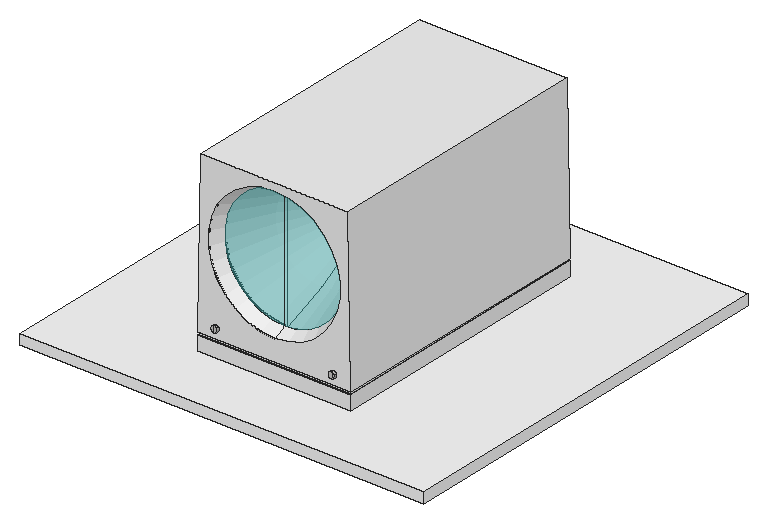
Revit family "BE_24593_de_DE", category Leuchten, Revit 2020
Family settings
  Basisbauteil = Fläche
  Bemaßung runder Anschluss = Durchmesser verwenden
  Teiletyp = Normal
  Beim Laden mit Abzugskörper schneiden = Ja
  Lichtquelle = Ja
  Gemeinsam genutzt = Nein
  Raumberechnungspunkt = Ja
Parameters (values of type "BEGA_24593_Weiß_K4")
  built-in parameter 1150104 = 12.443 (stored number, unit not read)
  Wattage = 33 W
  Default Elevation = 0 mm
  built-in parameter 1150113 = 1 (stored number, unit not read)
  built-in parameter 1114218 = 1 (stored number, unit not read)
  Umgebungstemperatur = "25 °C"
  URL = "https://www.bega.com/de/produkt/24593"
  Typenkommentare = "© 2022 BEGA. Wir behalten uns das Recht vor, technische Änderungen ohne vorherige Ankündigung vorzunehmen."  # constant formula
  Type Image = 24593.png
  built-in parameter 1150134 = 12
  built-in parameter 1150109 = 1 (stored number, unit not read)
  Strom = ""
  built-in parameter 1150110 = 1 (stored number, unit not read)
  Spannung = 239.996 V
  Sonderanfertigung = no
  Seriennummer [instance] = "Hier können Sie die eindeutige Seriennummer für das Facility Management eintragen."
  Schutzklasse = "I"
  Schutzart = "IP 64"
  Scheinlast = 0 VA
  Produktdatenblatt = "https://cdn.bega.com/bega/products/24593AK3/current/documents/data-sheets/de"
  Oberflächentemperatur = ""
  Neigungswinkel = 0.00°
  Modell = "24593WK4"
  Material_17 = BEGA_Reflektor
  Material_15 = BEGA_Leuchtmedium_matt
  Material_11 = BEGA_Glas_opal
  Material_09 = BEGA_Glas_klar
  Material_06 = BEGA_Oberfläche_Edelstahl_gebürstet
  Material_03 = BEGA_Oberfläche_Weiss_matt
  Material_02 = BEGA_Oberfläche_Silber_matt
  Material_01 [instance] = BEGA_Oberfläche_Grafit_matt
  M_W = yes
  M_G = no
  M_A = no
  Logo = 0
  built-in parameter 1114217 = 1 (stored number, unit not read)
  built-in parameter 1150139 = (empty or 0)
  built-in parameter 1150105 = 351.73 (stored number, unit not read)
  built-in parameter 1150114 = 1 (stored number, unit not read)
  Lumens = 4420.02 lm
  built-in parameter 1150115 = 1 (stored number, unit not read)
  Leuchtenlichtstrom = "3419 lm"
  Leuchtenanzahl = ""
  Lebensdauerkriterien = "L70B50 @ 25 °C = 200000 h"
  Lastklassifizierung = Beleuchtung
  built-in parameter 1150112 = 1 (stored number, unit not read)
  Lampenlichtstrom = "4530 lm"
  Lampe = "LED 32.8 W"
  LED_Modulbezeichnung = "2x LED-1187/840"
  built-in parameter 1150142 = (empty or 0)
  Hersteller = "BEGA"  # constant formula
  Halbstreuwinkel = ""
  Gewicht = "3.3 kg"
  Gebrauchslageneinschränkung [instance] = ""
  Frequenz = "0/50-60 Hz"
  Farbwiedergabeindex = "CRI > 80"
  Farbtemperaturverschiebung bei Dämpfen der Lampe = <Keine Auswahl>
  Farbtemperatur = "4000 K"
  Color Filter = 16777215
  built-in parameter 1150133 = 10 (stored number, unit not read)
  Energieeffizienzklasse = "LED A++ - A"
  built-in parameter 1150137 = (empty or 0)
  built-in parameter 1150132 = (empty or 0)
  ENEC = "ja"
  Dimmbar [instance] = "DALI"
  Datei für fotometrisches Netz = "BE_24593K4.IES"
  CE_Konformität = "ja"
  Bestellnummer = "24593WK4"
  Beschreibung_Sonderanfertigung = "Hier können Sie Informationen zur Sonderanfertigung eintragen."
  Beschreibung = "Wandleuchte"
  built-in parameter 1150106 = 3.5173 (stored number, unit not read)
  Befestigungsbohrung = "Ø 6 mm"
  Befestigungsabstand = "125 mm"
  Ballwurfsicher = ""
  BEGA_Intern_aus = yes
  BEGA_Intern_an = yes
  BEGA_Intern_Konstruktion = yes
  BEGA_Intern = yes
  BEGA_IES = yes
  BEGA_Dummy = no
  Anschlussleitung = ""
  Anschlussleistung [instance] = "35.5 W"
  built-in parameter 1150107 = 4000 (stored number, unit not read)
  built-in parameter 1150102 = (empty or 0)
  built-in parameter 1150138 = (empty or 0)
  Aktualisierung = "2022-05-18T04:00:07"
  Abstand_zur_angestrahlten_Fläche [instance] = ""
  AC/DC = "AC/DC"
Types (6, lengths in mm): name | built-in parameter 1150104 | built-in parameter 1150134 | Modell | M_W | M_G | M_A | built-in parameter 1150105 | Lumens | Leuchtenlichtstrom | Lampenlichtstrom | LED_Modulbezeichnung | Farbtemperatur | Datei für fotometrisches Netz | Bestellnummer | built-in parameter 1150106 | built-in parameter 1150107
  BEGA_24593_Grafit_K4 | 12.443 (stored number, unit not read) | 12 | "24593K4" | no | yes | no | 351.73 (stored number, unit not read) | 4420.02 lm | "3419 lm" | "4530 lm" | "2x LED-1187/840" | "4000 K" | "BE_24593K4.IES" | "24593K4" | 3.5173 (stored number, unit not read) | 4000 (stored number, unit not read)
  BEGA_24593_Silber_K4 | 12.443 (stored number, unit not read) | 12 | "24593AK4" | no | no | yes | 351.73 (stored number, unit not read) | 4420.02 lm | "3419 lm" | "4530 lm" | "2x LED-1187/840" | "4000 K" | "BE_24593K4.IES" | "24593AK4" | 3.5173 (stored number, unit not read) | 4000 (stored number, unit not read)
  BEGA_24593_Silber_K3 | 11.824 (stored number, unit not read) | (empty or 0) | "24593AK3" | no | no | yes | 334.22 (stored number, unit not read) | 4199.91 lm | "3245 lm" | "4300 lm" | "2x LED-1187/830" | "3000 K" | "BE_24593K3.IES" | "24593AK3" | 3.3422 (stored number, unit not read) | 3000 (stored number, unit not read)
  BEGA_24593_Weiß_K3 | 11.824 (stored number, unit not read) | (empty or 0) | "24593WK3" | yes | no | no | 334.22 (stored number, unit not read) | 4199.91 lm | "3245 lm" | "4300 lm" | "2x LED-1187/830" | "3000 K" | "BE_24593K3.IES" | "24593WK3" | 3.3422 (stored number, unit not read) | 3000 (stored number, unit not read)
  BEGA_24593_Weiß_K4 | 12.443 (stored number, unit not read) | 12 | "24593WK4" | yes | no | no | 351.73 (stored number, unit not read) | 4420.02 lm | "3419 lm" | "4530 lm" | "2x LED-1187/840" | "4000 K" | "BE_24593K4.IES" | "24593WK4" | 3.5173 (stored number, unit not read) | 4000 (stored number, unit not read)
  BEGA_24593_Grafit_K3 | 11.824 (stored number, unit not read) | (empty or 0) | "24593K3" | no | yes | no | 334.22 (stored number, unit not read) | 4199.91 lm | "3245 lm" | "4300 lm" | "2x LED-1187/830" | "3000 K" | "BE_24593K3.IES" | "24593K3" | 3.3422 (stored number, unit not read) | 3000 (stored number, unit not read)
Reference planes
  plane 1 "Mitte (Vorne/Hinten)": y = 0
  plane 2: z = 0
  plane 3 "Mitte (Links/Rechts)": x = 0
  plane 4 "Links": x = -75.806
  plane 5 "Rechts": x = 75.806
  plane 6 "Unten": y = -135.253
  plane 7 "Oben": y = 135.253
  plane 8 "Vorne": z = 175.5
  plane 9 "Hinten": z = 0
Forms (mm)
  Extrusion 1, solid, material "BEGA_Platte_Weiss"
    sketch origin (0, -1119.2, 0) x (1, 0, 0) y (0, 1, 0)
      loop
        line (-200, 1319.2) -> (-200, 919.2) -> (200, 919.2) -> (200, 1319.2) -> (-200, 1319.2)
    from 0 to -10
  Extrusion 2, solid, material "BEGA_Dummy_matt", visible <- "BEGA_Dummy"
    sketch origin (57.209, -76.276, 0) x (1, 0, 0) y (0, 1, 0)
      loop
        line (-133.015, 211.276) -> (-133.015, -58.977) -> (18.597, -58.977) -> (18.597, 211.276) -> (-133.015, 211.276)
    from 0 to 175.5
Dimensions and locks
  plane 1 "Mitte (Vorne/Hinten)" to Extrusion 1 = 200 mm
  aligned and locked: plane 2 to Extrusion 1
  aligned and locked: level to Extrusion 1
Nested families
  nested 1: "BE_24593" at (0, 0, 0) x (0, -1, 0) z (0, 0, 1), type "BE_24593"
Connectors
  electrical at (0, 0, 0), driven by "Lastklassifizierung", driven by "Spannung", driven by "Scheinlast"
    settings: index 1, voltage 239.996 V, apparent load 0 VA, apparent load phase1 0 VA, apparent load phase2 0 VA, apparent load phase3 0 VA, power factor 1, load classification "Beleuchtung", number of poles 1, system type 31, power factor state 1, is connector primary yes, connector utility no, sub classification motor no, connector description ""
Definition of nested family "BE_24593"
  Parameters (values of type "BE_24593")
    Default Elevation = 1 mm
    URL = "http://www.bega.de/de/produkt"
    Type Comments = "© 2015 BEGA. Wir behalten uns das Recht vor, technische Änderungen ohne vorherige Ankündigung vorzunehmen. "  # constant formula
    Type Image = (empty or 0)
    Material_17 = none
    Material_15 = none
    Material_11 = none
    Material_09 = none
    Material_06 = none
    Material_03 = none
    Material_02 = none
    Material_01 = none
    M_W = yes
    M_G = yes
    M_A = yes
    Länge_Platte = 300 mm  # constant formula
    Höhe_Platte = -10 mm  # constant formula
    Manufacturer = "BEGA"  # constant formula
    Breite_Platte = 200 mm  # constant formula
  Reference planes
    plane 1 "Mitte (Oben/Unten)": y = 0
    plane 2: z = 0
    plane 3 "Mitte (Links/Rechts)": x = 0
    plane 4 "Unten": y = -75.806
    plane 5: x = -135.253
    plane 6: x = 135.253
    plane 7: z = 175.5
    plane 8: y = 75.806
  Forms (mm)
    Extrusion 1, solid, detail levels medium
      sketch origin (0, 0, 0) x (1, 0, 0) y (0, 1, 0)
        loop
          line (-150, 100) -> (-150, -100) -> (150, -100) -> (150, 100) -> (-150, 100)
      from 0 to -10 <- "Höhe_Platte"
    Extrusion 2, solid, material <- "Material_01", visible <- "M_G", detail levels medium+fine
      sketch origin (0, 0, 0) x (1, 0, 0) y (0, 0, 1)
        loop
          line (135, 175.5) -> (-135, 175.5) -> (-135, 16.471) -> (-124.509, 16.471) -> (-124.509, 172.5) -> (122.759, 172.5) -> (122.759, 16.471) -> (135, 16.471) -> (135, 175.5)
      from -75.553 to 75.553
    Extrusion 3, solid, material <- "Material_01", visible <- "M_G", detail levels medium+fine
      sketch origin (0, 0, 0) x (0, 1, 0) y (0, 0, 1)
        loop
          line (-75.553, 175.5) -> (-75.553, 16.471) -> (-70.41, 16.471) -> (-70.41, 175.5) -> (-75.553, 175.5)
        loop
          line (75.553, 175.5) -> (70.41, 175.5) -> (70.41, 16.471) -> (75.553, 16.471) -> (75.553, 175.5)
      from -135 to 133
    Sweep 4, solid, material <- "Material_01", visible <- "M_G", detail levels medium+fine
      path in 3D
        loop
          line (135, 75.553, 175.5) -> (-135, 75.553, 175.5) -> (-135, -75.553, 175.5) -> (135, -75.553, 175.5) -> (135, 75.553, 175.5)
      profile origin (135, 0, 175.5) x (-1, 0, 0) y (0, 0, 1)
        loop
          line (0, -161) -> (-0.253, -175.5) -> (3.5, -175.5) -> (4.029, -160.346) -> (69.21, -160.346) -> (69.21, -156) -> (3.859, -156) -> (0.83, -159.029) -> (0.83, -161) -> (0, -161)
    Extrusion 5, solid, material <- "Material_01", visible <- "M_G", detail levels medium+fine
      sketch origin (0, 0, 0) x (1, 0, 0) y (0, 1, 0)
        loop
          line (65.79, 6.343) -> (-65.79, 6.343) -> (-65.79, -6.343) -> (65.79, -6.343) -> (65.79, 6.343)
      from 15.154 to 19.5
    Revolve 6, void
      sketch origin (0, 0, 0) x (1, 0, 0) y (0, 0, 1)
        loop
          line (-135, 169.882) -> (-135, 103) -> (-124.44, 103) -> (-124.44, 165.581) -> (-130.8, 165.581) -> (-130.8, 168.26) -> (-135, 169.882)
        axis (-135, 103) -> (-124.44, 103)
      angle from 0 to 360
    Revolve 7, void
      sketch origin (0, 0, 0) x (1, 0, 0) y (0, 0, 1)
        loop
          line (122.074, 162.473) -> (122.074, 103) -> (135.914, 103) -> (135.914, 168.926) -> (122.074, 162.473)
        axis (122.074, 103) -> (135.914, 103)
      angle from 0 to 360
    Revolve 8, solid, material <- "Material_09", detail levels medium+fine
      sketch origin (0, 0, 0) x (1, 0, 0) y (0, 0, 1)
        loop
          line (-130.8, 168) -> (-134.8, 168) -> (-134.8, 102.998) -> (-130.8, 102.998) -> (-130.8, 168)
        axis (-134.8, 102.998) -> (-130.8, 102.998)
      angle from 0 to 360
    Revolve 9, solid, material <- "Material_09", detail levels medium+fine
      sketch origin (253.559, 0, 0) x (1, 0, 0) y (0, 0, 1)
        loop
          line (-130.8, 168) -> (-134.8, 168) -> (-134.8, 102.998) -> (-130.8, 102.998) -> (-130.8, 168)
        axis (-134.8, 102.998) -> (-130.8, 102.998)
      angle from 0 to 360
    Revolve 10, solid, material <- "Material_17", detail levels medium+fine
      sketch origin (0, 0, 0) x (1, 0, 0) y (0, 0, 1)
        loop
          line (-43.461, 108.7) -> (-42.457, 108.674) -> (-43.5, 125.721)
          arc (-43.5, 125.721) -> (-81.904, 148.683) -> (-123.399, 165.425) r 288.248
          line (-123.399, 165.425) -> (-123.399, 170.811) -> (-124.446, 170.811) -> (-124.446, 164.823)
          arc (-124.446, 164.823) -> (-82.915, 148.125) -> (-44.47, 125.198) r 288.248
          line (-44.47, 125.198) -> (-43.461, 108.7)
        axis (-42.457, 102.974) -> (-124.446, 102.974)
      angle from 0 to 360
    Revolve 11, solid, material <- "Material_17", detail levels medium+fine
      sketch origin (-5.687, 0, 0) x (-1, 0, 0) y (0, 0, 1)
        loop
          line (-43.461, 108.7) -> (-42.457, 108.674) -> (-43.5, 125.721)
          arc (-43.5, 125.721) -> (-81.904, 148.683) -> (-123.399, 165.425) r 288.248
          line (-123.399, 165.425) -> (-123.399, 170.811) -> (-124.446, 170.811) -> (-124.446, 164.823)
          arc (-124.446, 164.823) -> (-82.915, 148.125) -> (-44.47, 125.198) r 288.248
          line (-44.47, 125.198) -> (-43.461, 108.7)
        axis (-42.457, 102.974) -> (-124.446, 102.974)
      angle from 0 to 360
    Revolve 12, solid, material <- "Material_15", detail levels medium+fine
      sketch origin (0, 0, 0) x (1, 0, 0) y (0, 0, 1)
        loop
          line (-40.827, 97.976) -> (-39.967, 97.976) -> (-39.967, 102.976) -> (-40.827, 102.976) -> (-40.827, 97.976)
        axis (-40.827, 102.976) -> (-39.827, 102.976)
      angle from 0 to 360
    Revolve 13, solid, material <- "Material_15", detail levels medium+fine
      sketch origin (74.883, 0, 0) x (1, 0, 0) y (0, 0, 1)
        loop
          line (-40.827, 97.976) -> (-39.967, 97.976) -> (-39.967, 102.976) -> (-40.827, 102.976) -> (-40.827, 97.976)
        axis (-40.827, 102.976) -> (-39.827, 102.976)
      angle from 0 to 360
    Revolve 14, solid, material <- "Material_06", detail levels fine
      sketch origin (0, -58, 0) x (1, 0, 0) y (0, 0, 1)
        loop
          line (137.141, 29.3) -> (135, 29.3) -> (135, 26.3) -> (137.141, 26.3) -> (137.141, 29.3)
        axis (135, 26.3) -> (137.141, 26.3)
      angle from 0 to 360
    Revolve 15, solid, material <- "Material_06", detail levels fine
      sketch origin (0, 58, 0) x (1, 0, 0) y (0, 0, -1)
        loop
          line (137.141, -29.3) -> (137.141, -26.3) -> (135, -26.3) -> (135, -29.3) -> (137.141, -29.3)
        axis (135, -26.3) -> (137.141, -26.3)
      angle from 0 to 360
    Sweep 16, solid, material <- "Material_02", visible <- "M_A", detail levels medium+fine
      path in 3D
        loop
          line (135, 75.553, 175.5) -> (-135, 75.553, 175.5) -> (-135, -75.553, 175.5) -> (135, -75.553, 175.5) -> (135, 75.553, 175.5)
      profile origin (135, 0, 175.5) x (-1, 0, 0) y (0, 0, 1)
        loop
          line (0, -161) -> (-0.253, -175.5) -> (3.5, -175.5) -> (4.029, -160.346) -> (69.21, -160.346) -> (69.21, -156) -> (3.859, -156) -> (0.83, -159.029) -> (0.83, -161) -> (0, -161)
    Extrusion 17, solid, material <- "Material_02", visible <- "M_A", detail levels medium+fine
      sketch origin (0, 0, 0) x (1, 0, 0) y (0, 1, 0)
        loop
          line (65.79, 6.343) -> (-65.79, 6.343) -> (-65.79, -6.343) -> (65.79, -6.343) -> (65.79, 6.343)
      from 15.154 to 19.5
    Sweep 18, solid, material <- "Material_03", visible <- "M_W", detail levels medium+fine
      path in 3D
        loop
          line (135, 75.553, 175.5) -> (-135, 75.553, 175.5) -> (-135, -75.553, 175.5) -> (135, -75.553, 175.5) -> (135, 75.553, 175.5)
      profile origin (135, 0, 175.5) x (-1, 0, 0) y (0, 0, 1)
        loop
          line (0, -161) -> (-0.253, -175.5) -> (3.5, -175.5) -> (4.029, -160.346) -> (69.21, -160.346) -> (69.21, -156) -> (3.859, -156) -> (0.83, -159.029) -> (0.83, -161) -> (0, -161)
    Extrusion 19, solid, material <- "Material_03", visible <- "M_W", detail levels medium+fine
      sketch origin (0, 0, 0) x (1, 0, 0) y (0, 1, 0)
        loop
          line (65.79, 6.343) -> (-65.79, 6.343) -> (-65.79, -6.343) -> (65.79, -6.343) -> (65.79, 6.343)
      from 15.154 to 19.5
    Extrusion 20, solid, material <- "Material_02", visible <- "M_A", detail levels medium+fine
      sketch origin (0, 0, 0) x (1, 0, 0) y (0, 0, 1)
        loop
          line (135, 175.5) -> (-135, 175.5) -> (-135, 16.471) -> (-124.509, 16.471) -> (-124.509, 172.5) -> (122.759, 172.5) -> (122.759, 16.471) -> (135, 16.471) -> (135, 175.5)
      from -75.553 to 75.553
    Extrusion 21, solid, material <- "Material_02", visible <- "M_A", detail levels medium+fine
      sketch origin (0, 0, 0) x (0, 1, 0) y (0, 0, 1)
        loop
          line (-75.553, 175.5) -> (-75.553, 16.471) -> (-70.41, 16.471) -> (-70.41, 175.5) -> (-75.553, 175.5)
        loop
          line (75.553, 175.5) -> (70.41, 175.5) -> (70.41, 16.471) -> (75.553, 16.471) -> (75.553, 175.5)
      from -135 to 133
    Extrusion 22, solid, material <- "Material_03", visible <- "M_W", detail levels medium+fine
      sketch origin (0, 0, 0) x (1, 0, 0) y (0, 0, 1)
        loop
          line (135, 175.5) -> (-135, 175.5) -> (-135, 16.471) -> (-124.509, 16.471) -> (-124.509, 172.5) -> (122.759, 172.5) -> (122.759, 16.471) -> (135, 16.471) -> (135, 175.5)
      from -75.553 to 75.553
    Extrusion 23, solid, material <- "Material_03", visible <- "M_W", detail levels medium+fine
      sketch origin (0, 0, 0) x (0, 1, 0) y (0, 0, 1)
        loop
          line (-75.553, 175.5) -> (-75.553, 16.471) -> (-70.41, 16.471) -> (-70.41, 175.5) -> (-75.553, 175.5)
        loop
          line (75.553, 175.5) -> (70.41, 175.5) -> (70.41, 16.471) -> (75.553, 16.471) -> (75.553, 175.5)
      from -135 to 133
    Extrusion 24, void
      sketch origin (0, 0, 0) x (1, 0, 0) y (0, 1, 0)
        loop
          circle (0, 62.5) r 2.895
        loop
          circle (0, -62.5) r 2.895
        loop
          circle (13, 42) r 8.5
        loop
          circle (-13, 42) r 8.5
      from 0 to 29
    Extrusion 25, void
      sketch origin (0, 0, 0) x (0, 1, 0) y (0, 0, 1)
        loop
          line (-75.553, 16.471) -> (-72.673, 181.446) -> (-75.553, 181.446) -> (-75.553, 16.471)
        loop
          line (75.553, 16.471) -> (75.553, 181.446) -> (72.673, 181.446) -> (75.553, 16.471)
      from -137 to 137.141
  Cuts and joins
    Revolve 6, Revolve 7, Extrusion 24, Extrusion 25 cuts Extrusion 2
    Revolve 6, Revolve 7, Extrusion 24, Extrusion 25 cuts Extrusion 3
    joined: Extrusion 2, Extrusion 3
    Extrusion 24 cuts Sweep 4
    Extrusion 24 cuts Extrusion 5
    joined: Sweep 4, Extrusion 5
    Extrusion 24 cuts Sweep 16
    Extrusion 24 cuts Extrusion 17
    joined: Sweep 16, Extrusion 17
    Extrusion 24 cuts Sweep 18
    Extrusion 24 cuts Extrusion 19
    joined: Sweep 18, Extrusion 19
    Revolve 6, Revolve 7, Extrusion 24, Extrusion 25 cuts Extrusion 20
    Extrusion 24, Extrusion 25 cuts Extrusion 21
    joined: Extrusion 20, Extrusion 21
    Revolve 6, Revolve 7, Extrusion 24, Extrusion 25 cuts Extrusion 22
    Extrusion 24, Extrusion 25 cuts Extrusion 23
    joined: Extrusion 22, Extrusion 23
  Lines and regions (mm)
    sketch lines
      curve 1: line (135, -75.553, 175.5) -> (135, 75.553, 175.5)
      curve 2: line (-135, 75.553, 175.5) -> (135, 75.553, 175.5)
      curve 3: line (-135, -75.553, 175.5) -> (-135, 75.553, 175.5)
      curve 4: line (135, -75.553, 175.5) -> (-135, -75.553, 175.5)
      curve 5: line (135, -75.553, 175.5) -> (135, 75.553, 175.5)
      curve 6: line (-135, 75.553, 175.5) -> (135, 75.553, 175.5)
      curve 7: line (-135, -75.553, 175.5) -> (-135, 75.553, 175.5)
      curve 8: line (135, -75.553, 175.5) -> (-135, -75.553, 175.5)
      curve 9: line (135, -75.553, 175.5) -> (135, 75.553, 175.5)
      curve 10: line (-135, 75.553, 175.5) -> (135, 75.553, 175.5)
      curve 11: line (-135, -75.553, 175.5) -> (-135, 75.553, 175.5)
      curve 12: line (135, -75.553, 175.5) -> (-135, -75.553, 175.5)
  Dimensions and locks
    equal spacing: Extrusion 1 sketch curve, plane 3 "Mitte (Links/Rechts)", Extrusion 1 sketch curve
    equal spacing: Extrusion 1 sketch curve, plane 1 "Mitte (Oben/Unten)", Extrusion 1 sketch curve
    "Länge_Platte": Extrusion 1 sketch curve to Extrusion 1 sketch curve
    "Breite_Platte": Extrusion 1 sketch curve to Extrusion 1 sketch curve
    aligned and locked: Extrusion 1 to plane 2
    aligned and locked: level to Extrusion 1
  Automatic sketch dimensions
    level to Extrusion 3 sketch curve = 16.471 mm  (x2)
    plane 1 "Mitte (Oben/Unten)" to Extrusion 3 sketch curve = 75.553 mm
    Extrusion 3 sketch curve to Extrusion 3 sketch curve = 5.144 mm  (x2)
    Extrusion 3 sketch curve to plane 1 "Mitte (Oben/Unten)" = 70.41 mm
    Sweep 4 sketch curve to profile plane = 0 mm
    profile plane to Sweep 4 sketch curve = 0.253 mm
    Sweep 4 sketch curve to profile plane = 0.83 mm
    Sweep 4 sketch curve to profile plane = 3.5 mm
    Sweep 4 sketch curve to profile plane = 3.859 mm
    Sweep 4 sketch curve to Sweep 4 sketch curve = 3.199 mm
    Sweep 4 sketch curve to Sweep 4 sketch curve = 65.181 mm
    Sweep 4 sketch curve to profile plane = 175.5 mm
    Sweep 4 sketch curve to Sweep 4 sketch curve = 14.5 mm
    Sweep 4 sketch curve to Sweep 4 sketch curve = 15.154 mm
    Sweep 4 sketch curve to Sweep 4 sketch curve = 1.971 mm
    Sweep 4 sketch curve to Sweep 4 sketch curve = 3.029 mm
    plane 1 "Mitte (Oben/Unten)" to Extrusion 5 sketch curve = 6.343 mm
    Extrusion 5 sketch curve to plane 3 "Mitte (Links/Rechts)" = 65.79 mm
    plane 3 "Mitte (Links/Rechts)" to Extrusion 5 sketch curve = 65.79 mm
    Extrusion 5 sketch curve to plane 1 "Mitte (Oben/Unten)" = 6.343 mm
    Revolve 6 sketch curve to Revolve 6 sketch curve = 4.2 mm
    Revolve 6 sketch curve to Revolve 6 sketch curve = 10.56 mm
    Revolve 6 sketch curve to Revolve 6 sketch curve = 2.679 mm
    Revolve 6 sketch curve to Revolve 6 sketch curve = 62.581 mm
    Revolve 6 sketch curve to Revolve 6 sketch curve = 0 mm  (x3)
    Revolve 7 sketch curve to Revolve 7 sketch curve = 13.839 mm
    Revolve 7 sketch curve to Revolve 7 sketch curve = 59.473 mm
    Revolve 7 sketch curve to Revolve 7 sketch curve = 6.453 mm
    Revolve 7 sketch curve to Revolve 7 sketch curve = 0 mm  (x3)
    Revolve 8 sketch curve to Revolve 8 sketch curve = 4 mm
    Revolve 8 sketch curve to Revolve 8 sketch curve = 0 mm  (x3)
    Revolve 9 sketch curve to Revolve 9 sketch curve = 4 mm
    Revolve 9 sketch curve to Revolve 9 sketch curve = 0 mm  (x3)
    Revolve 10 sketch curve to Revolve 10 sketch curve = 0.708 mm
    Revolve 10 sketch curve to Revolve 10 sketch curve = 1.047 mm
    Revolve 10 sketch curve to plane 3 "Mitte (Links/Rechts)" = 44.47 mm
    Revolve 10 sketch curve to Revolve 10 sketch curve = 0.97 mm
    Revolve 10 sketch curve to Revolve 10 sketch curve = 1.009 mm
    Revolve 10 sketch curve to Revolve 10 sketch curve = 1.003 mm
    Revolve 10 sketch curve to Revolve 10 sketch curve = 5.387 mm
    Revolve 10 sketch curve to Revolve 10 sketch curve = 0.601 mm
    Revolve 10 sketch curve to Revolve 10 sketch curve = 39.704 mm
    Revolve 10 sketch curve to Revolve 10 sketch curve = 0.523 mm
    Revolve 10 sketch curve to Revolve 10 sketch curve = 16.498 mm
    Revolve 10 sketch curve to Revolve 10 sketch curve = 0.026 mm
    Revolve 10 sketch curve to Revolve 10 sketch curve = 5.775 mm
    Revolve 10 sketch curve to Revolve 10 sketch curve = 10.293 mm
    Revolve 10 sketch curve to Revolve 10 sketch curve = 5.726 mm
    Revolve 11 sketch curve to Revolve 11 sketch curve = 0.708 mm
    Revolve 11 sketch curve to Revolve 11 sketch curve = 1.047 mm
    Revolve 11 sketch curve to plane 3 "Mitte (Links/Rechts)" = 38.782 mm
    Revolve 11 sketch curve to Revolve 11 sketch curve = 0.97 mm
    Revolve 11 sketch curve to Revolve 11 sketch curve = 1.009 mm
    Revolve 11 sketch curve to Revolve 11 sketch curve = 1.003 mm
    Revolve 11 sketch curve to Revolve 11 sketch curve = 5.387 mm
    Revolve 11 sketch curve to Revolve 11 sketch curve = 0.601 mm
    Revolve 11 sketch curve to Revolve 11 sketch curve = 39.704 mm
    Revolve 11 sketch curve to Revolve 11 sketch curve = 0.523 mm
    Revolve 11 sketch curve to Revolve 11 sketch curve = 16.498 mm
    Revolve 11 sketch curve to Revolve 11 sketch curve = 0.026 mm
    Revolve 11 sketch curve to Revolve 11 sketch curve = 5.775 mm
    Revolve 11 sketch curve to Revolve 11 sketch curve = 10.293 mm
    Revolve 11 sketch curve to Revolve 11 sketch curve = 5.726 mm
    Revolve 12 sketch curve to plane 3 "Mitte (Links/Rechts)" = 40.827 mm
    Revolve 12 sketch curve to Revolve 12 sketch curve = 0.86 mm
    level to Revolve 12 sketch curve = 97.976 mm
    Revolve 12 sketch curve to Revolve 12 sketch curve = 5 mm
    Revolve 12 sketch curve to Revolve 12 sketch curve = 0 mm  (x3)
    plane 3 "Mitte (Links/Rechts)" to Revolve 13 sketch curve = 34.056 mm
    Revolve 13 sketch curve to Revolve 13 sketch curve = 0.86 mm
    level to Revolve 13 sketch curve = 97.976 mm
    Revolve 13 sketch curve to Revolve 13 sketch curve = 5 mm
    Revolve 13 sketch curve to Revolve 13 sketch curve = 0 mm  (x3)
    level to Revolve 14 sketch curve = 26.3 mm
    Revolve 14 sketch curve to Revolve 14 sketch curve = 2.141 mm
    Revolve 14 sketch curve to Revolve 14 sketch curve = 3 mm
    Revolve 14 sketch curve to Revolve 14 sketch curve = 0 mm  (x3)
    level to Revolve 15 sketch curve = 26.3 mm
    Revolve 15 sketch curve to Revolve 15 sketch curve = 2.141 mm
    Revolve 15 sketch curve to Revolve 15 sketch curve = 3 mm
    Revolve 15 sketch curve to Revolve 15 sketch curve = 0 mm  (x3)
    Extrusion 2 sketch curve to Extrusion 2 sketch curve = 10.491 mm
    Extrusion 2 sketch curve to Extrusion 2 sketch curve = 12.241 mm
    level to Extrusion 2 sketch curve = 16.471 mm  (x2)
    Sweep 16 sketch curve to profile plane = 0 mm
    profile plane to Sweep 16 sketch curve = 0.253 mm
    Sweep 16 sketch curve to profile plane = 0.83 mm
    Sweep 16 sketch curve to profile plane = 3.5 mm
    Sweep 16 sketch curve to profile plane = 3.859 mm
    Sweep 16 sketch curve to Sweep 16 sketch curve = 3.199 mm
    Sweep 16 sketch curve to Sweep 16 sketch curve = 65.181 mm
    Sweep 16 sketch curve to profile plane = 175.5 mm
    Sweep 16 sketch curve to Sweep 16 sketch curve = 14.5 mm
    Sweep 16 sketch curve to Sweep 16 sketch curve = 15.154 mm
    Sweep 16 sketch curve to Sweep 16 sketch curve = 1.971 mm
    Sweep 16 sketch curve to Sweep 16 sketch curve = 3.029 mm
    plane 1 "Mitte (Oben/Unten)" to Extrusion 17 sketch curve = 6.343 mm
    Extrusion 17 sketch curve to plane 3 "Mitte (Links/Rechts)" = 65.79 mm
    plane 3 "Mitte (Links/Rechts)" to Extrusion 17 sketch curve = 65.79 mm
    Extrusion 17 sketch curve to plane 1 "Mitte (Oben/Unten)" = 6.343 mm
    Sweep 18 sketch curve to profile plane = 0 mm
    profile plane to Sweep 18 sketch curve = 0.253 mm
    Sweep 18 sketch curve to profile plane = 0.83 mm
    Sweep 18 sketch curve to profile plane = 3.5 mm
    Sweep 18 sketch curve to profile plane = 3.859 mm
    Sweep 18 sketch curve to Sweep 18 sketch curve = 3.199 mm
    Sweep 18 sketch curve to Sweep 18 sketch curve = 65.181 mm
    Sweep 18 sketch curve to profile plane = 175.5 mm
    Sweep 18 sketch curve to Sweep 18 sketch curve = 14.5 mm
    Sweep 18 sketch curve to Sweep 18 sketch curve = 15.154 mm
    Sweep 18 sketch curve to Sweep 18 sketch curve = 1.971 mm
    Sweep 18 sketch curve to Sweep 18 sketch curve = 3.029 mm
    plane 1 "Mitte (Oben/Unten)" to Extrusion 19 sketch curve = 6.343 mm
    Extrusion 19 sketch curve to plane 3 "Mitte (Links/Rechts)" = 65.79 mm
    plane 3 "Mitte (Links/Rechts)" to Extrusion 19 sketch curve = 65.79 mm
    Extrusion 19 sketch curve to plane 1 "Mitte (Oben/Unten)" = 6.343 mm
    Extrusion 20 sketch curve to Extrusion 20 sketch curve = 10.491 mm
    Extrusion 20 sketch curve to Extrusion 20 sketch curve = 12.241 mm
    level to Extrusion 20 sketch curve = 16.471 mm  (x2)
    level to Extrusion 21 sketch curve = 16.471 mm  (x2)
    plane 1 "Mitte (Oben/Unten)" to Extrusion 21 sketch curve = 75.553 mm
    Extrusion 21 sketch curve to Extrusion 21 sketch curve = 5.144 mm  (x2)
    Extrusion 21 sketch curve to plane 1 "Mitte (Oben/Unten)" = 70.41 mm
    Extrusion 22 sketch curve to Extrusion 22 sketch curve = 10.491 mm
    Extrusion 22 sketch curve to Extrusion 22 sketch curve = 12.241 mm
    level to Extrusion 22 sketch curve = 16.471 mm  (x2)
    level to Extrusion 23 sketch curve = 16.471 mm  (x2)
    plane 1 "Mitte (Oben/Unten)" to Extrusion 23 sketch curve = 75.553 mm
    Extrusion 23 sketch curve to Extrusion 23 sketch curve = 5.144 mm  (x2)
    Extrusion 23 sketch curve to plane 1 "Mitte (Oben/Unten)" = 70.41 mm
    Extrusion 24 sketch curve to plane 3 "Mitte (Links/Rechts)" = 0 mm  (x2)
    Extrusion 24 sketch curve to plane 3 "Mitte (Links/Rechts)" = 13 mm
    plane 3 "Mitte (Links/Rechts)" to Extrusion 24 sketch curve = 13 mm
    plane 1 "Mitte (Oben/Unten)" to Extrusion 24 sketch curve = 62.5 mm
    Extrusion 24 sketch curve to plane 1 "Mitte (Oben/Unten)" = 42 mm
    Extrusion 24 sketch curve to Extrusion 24 sketch curve = 0 mm
    Extrusion 24 sketch curve to Extrusion 24 sketch curve = 20.5 mm
    level to Extrusion 25 sketch curve = 16.471 mm  (x2)
    plane 1 "Mitte (Oben/Unten)" to Extrusion 25 sketch curve = 75.553 mm
    Extrusion 25 sketch curve to Extrusion 25 sketch curve = 2.88 mm
    Extrusion 25 sketch curve to plane 1 "Mitte (Oben/Unten)" = 72.673 mm
    Extrusion 25 sketch curve to plane 1 "Mitte (Oben/Unten)" = 75.553 mm
    Extrusion 2 sketch curve to plane 3 "Mitte (Links/Rechts)" = 124.509 mm
    Revolve 6 sketch curve to plane 3 "Mitte (Links/Rechts)" = 135 mm
    Revolve 8 sketch curve to plane 3 "Mitte (Links/Rechts)" = 134.8 mm
    Revolve 10 sketch curve to Revolve 10 sketch curve = 78.929 mm
    Extrusion 20 sketch curve to plane 3 "Mitte (Links/Rechts)" = 124.509 mm
    Extrusion 22 sketch curve to plane 3 "Mitte (Links/Rechts)" = 124.509 mm
    plane 3 "Mitte (Links/Rechts)" to Extrusion 2 sketch curve = 122.759 mm
    plane 3 "Mitte (Links/Rechts)" to Revolve 7 sketch curve = 122.074 mm
    plane 3 "Mitte (Links/Rechts)" to Revolve 9 sketch curve = 118.759 mm
    Revolve 11 sketch curve to Revolve 11 sketch curve = 78.929 mm
    plane 3 "Mitte (Links/Rechts)" to Revolve 14 sketch curve = 135 mm
    plane 3 "Mitte (Links/Rechts)" to Revolve 15 sketch curve = 135 mm
    plane 3 "Mitte (Links/Rechts)" to Extrusion 20 sketch curve = 122.759 mm
    plane 3 "Mitte (Links/Rechts)" to Extrusion 22 sketch curve = 122.759 mm
    Revolve 6 sketch curve to Revolve 6 sketch curve = 1.622 mm
    Revolve 10 sketch curve to plane 3 "Mitte (Links/Rechts)" = 210.177 mm
    Revolve 11 sketch curve to plane 3 "Mitte (Links/Rechts)" = 204.49 mm
    Revolve 10 sketch curve to level = 110.159 mm
    level to Revolve 11 sketch curve = 110.159 mm
    Extrusion 2 sketch curve to plane 7 = 0 mm
    plane 7 to Extrusion 2 sketch curve = 3 mm
    plane 7 to Extrusion 3 sketch curve = 0 mm  (x2)
    plane 7 to Revolve 6 sketch curve = 72.5 mm
    plane 7 to Revolve 7 sketch curve = 72.5 mm
    plane 7 to Revolve 8 sketch curve = 72.502 mm
    plane 7 to Revolve 8 sketch curve = 7.5 mm
    plane 7 to Revolve 9 sketch curve = 72.502 mm
    plane 7 to Revolve 9 sketch curve = 7.5 mm
    Extrusion 20 sketch curve to plane 7 = 0 mm
    plane 7 to Extrusion 20 sketch curve = 3 mm
    plane 7 to Extrusion 21 sketch curve = 0 mm  (x2)
    Extrusion 22 sketch curve to plane 7 = 0 mm
    plane 7 to Extrusion 22 sketch curve = 3 mm
    plane 7 to Extrusion 23 sketch curve = 0 mm  (x2)
    Extrusion 25 sketch curve to plane 7 = 5.946 mm  (x2)
    radius of Extrusion 24 sketch curve = 2.895 mm  (x2)
    radius of Extrusion 24 sketch curve = 8.5 mm  (x2)
